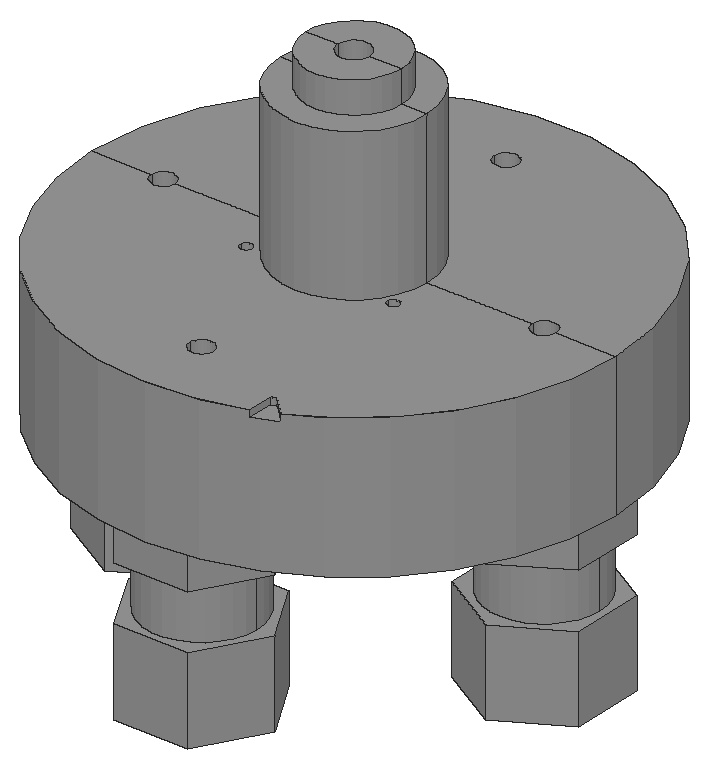
Revit family "MI-DU", category Plumbing Fixtures, Revit 2013
Parameters
  material = Brass
  URL = "www.mifab.com"
  Model = "MI-DU"
  Manufacturer = "Mifab"
  Description = "Trap Seal Primer Distribution Unit"
  Body Material = ABS
Reference planes (in)
  plane 1 "Center (Front/Back)": y = 0
  plane 2: z = 0
  plane 3 "Center (Left/Right)": x = 0
Forms (in)
  Revolve 1, solid, material "ABS" <- "Body Material"
    sketch origin (0, 0, 0) x (1, 0, 0) y (0, 0, 1)
      loop
        line (0, 0) -> (-6, 0) -> (-6, -4) -> (-9.25, -4) -> (-9.25, -23) -> (-33, -23) -> (-33, -41) -> (0, -41) -> (0, 0)
      axis (0, 0) -> (0, -41)
    angle from 0 to 360
  Extrusion 2, void
    sketch origin (0, 0, 0) x (1, 0, 0) y (0, 1, 0)
      loop
        circle (0, 0) r 2
    from -23 to 0
  Extrusion 3, void
    sketch origin (0, 0, 0) x (1, 0, 0) y (0, 1, 0)
      loop
        circle (-24, 0) r 1.5
      loop
        circle (0, 24) r 1.5
      loop
        circle (0, -24) r 1.5
      loop
        circle (24, 0) r 1.5
      loop
        circle (-9.15184, -5.49898) r 0.75
      loop
        circle (9.28824, -5.36257) r 0.75
      loop
        circle (0, 10.60386) r 0.75
    from -29.00171 to -23
  Extrusion 4, solid, material "Brass" <- "material"
    sketch origin (0, 0, 0) x (1, 0, 0) y (0, 1, 0)
      loop
        line (4.6188, 16) -> (9.2376, 24) -> (4.6188, 32) -> (-4.6188, 32) -> (-9.2376, 24) -> (-4.6188, 16) -> (4.6188, 16)
      loop
        line (4.6188, -16) -> (-4.6188, -16) -> (-9.2376, -24) -> (-4.6188, -32) -> (4.6188, -32) -> (9.2376, -24) -> (4.6188, -16)
      loop
        line (-16, -4.6188) -> (-16, 4.6188) -> (-24, 9.2376) -> (-32, 4.6188) -> (-32, -4.6188) -> (-24, -9.2376) -> (-16, -4.6188)
      loop
        line (16, -4.6188) -> (24, -9.2376) -> (32, -4.6188) -> (32, 4.6188) -> (24, 9.2376) -> (16, 4.6188) -> (16, -4.6188)
    from -45.47848 to -41
  Extrusion 5, solid, material "Brass" <- "material"
    sketch origin (0, 0, 0) x (1, 0, 0) y (0, 1, 0)
      loop
        circle (0, 24) r 7
      loop
        circle (-24, 0) r 7
      loop
        circle (24, 0) r 7
      loop
        circle (0, -24) r 7
    from -52.42169 to -45.47848
  Extrusion 6, solid, material "Brass" <- "material"
    sketch origin (0, 0, 0) x (1, 0, 0) y (0, 1, 0)
      loop
        line (4.6188, 16) -> (9.2376, 24) -> (4.6188, 32) -> (-4.6188, 32) -> (-9.2376, 24) -> (-4.6188, 16) -> (4.6188, 16)
      loop
        line (4.6188, -16) -> (-4.6188, -16) -> (-9.2376, -24) -> (-4.6188, -32) -> (4.6188, -32) -> (9.2376, -24) -> (4.6188, -16)
      loop
        line (-16, -4.6188) -> (-16, 4.6188) -> (-24, 9.2376) -> (-32, 4.6188) -> (-32, -4.6188) -> (-24, -9.2376) -> (-16, -4.6188)
      loop
        line (16, -4.6188) -> (24, -9.2376) -> (32, -4.6188) -> (32, 4.6188) -> (24, 9.2376) -> (16, 4.6188) -> (16, -4.6188)
    from -63.18435 to -52.42169
  Extrusion 7, void
    sketch origin (0, 0, 0) x (1, 0, 0) y (0, 1, 0)
      loop
        circle (0, 24) r 6
      loop
        circle (-24, 0) r 6
      loop
        circle (24, 0) r 6
      loop
        circle (0, -24) r 6
    from -63.18435 to -41
  Extrusion 8, void
    sketch origin (0, 0, 0) x (1, 0, 0) y (0, 1, 0)
      loop
        arc (11.59176, -30.8971) -> (13.04131, -30.31376) -> (14.46162, -29.66246) r 33
        line (14.46162, -29.66246) -> (12.28504, -27.48588)
        arc (12.28504, -27.48588) -> (11.89015, -27.45002) -> (11.59176, -27.71115) r 0.50348
        line (11.59176, -27.71115) -> (11.59176, -30.8971)
    from -23.82573 to -23
Cuts and joins
  Extrusion 2, Extrusion 3, Extrusion 8 cuts Revolve 1
  Extrusion 7 cuts Extrusion 6
  joined: Extrusion 4, Extrusion 5, Extrusion 6
Dimensions and locks (in)
  locked: Revolve 1 sketch curve to Revolve 1 sketch curve at 9.25
  locked: Revolve 1 sketch curve to Revolve 1 sketch curve at 4
  Revolve 1 sketch curve to Revolve 1 sketch curve to Revolve 1 sketch curve = 0' - 3 1/4" locked, 0' - 6" locked
  locked: Revolve 1 sketch curve to Revolve 1 sketch curve at 37
  Revolve 1 sketch curve to Revolve 1 sketch curve to Revolve 1 sketch curve = 1' - 7" locked, 1' - 6" locked
  locked: Revolve 1 sketch curve to Revolve 1 sketch curve at 23.75
  radius of Extrusion 3 sketch curve = 0' - 0 3/4"
  aligned and locked: level to plane 2
  aligned and locked: Revolve 1 sketch curve to plane 3 "Center (Left/Right)"
  aligned and locked: plane 3 "Center (Left/Right)" to Extrusion 2 sketch curve
  aligned and locked: plane 1 "Center (Front/Back)" to Extrusion 2 sketch curve
  aligned and locked: Revolve 1 to Extrusion 2
  aligned and locked: level to Extrusion 2
  aligned and locked: plane 1 "Center (Front/Back)" to Extrusion 3 sketch curve
  aligned and locked: Extrusion 5 to Extrusion 4
  aligned and locked: Extrusion 6 to Extrusion 5
  aligned and locked: Extrusion 6 to Extrusion 7
